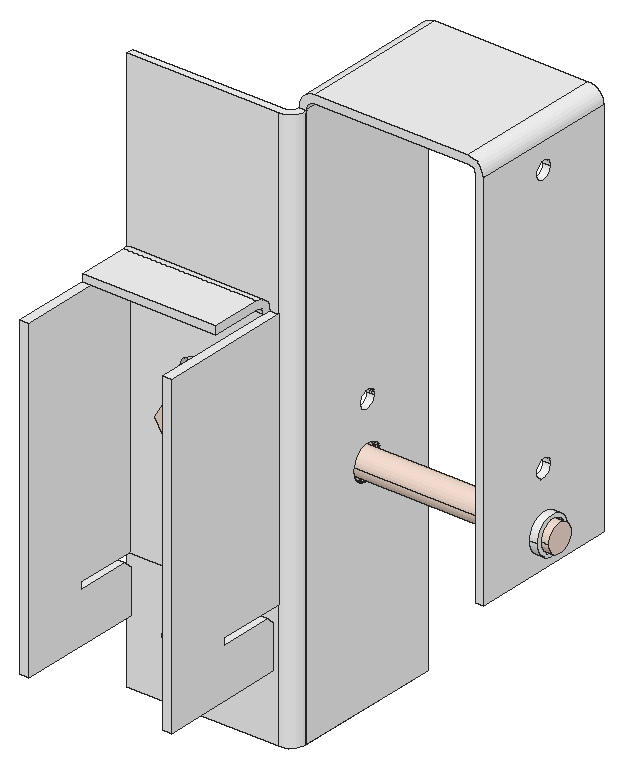
Revit family "KIRIIアングルクランプ(C100用)_逆", category 機械設備, Revit 2020
Family settings
  丸型コネクタ寸法 = 直径を使用
  種別 = なし
  パーツ タイプ = 標準
  作業面ベース = いいえ
  常に垂直 = はい
  ロード時にボイドで切り取り = いいえ
  共有 = いいえ
  部屋計算ポイント = いいえ
Parameters
  製造元 = "株式会社桐井製作所"
  既定の高さ = 0 mm
  URL = "https://www.kirii.co.jp/"
  K_許容荷重(水平)野縁方向(N) = 640
  K_許容荷重(水平)野縁受け方向(N) = 780
  K_許容荷重(引張)(N) = 1920
  K_許容荷重(圧縮)(N) = 1910
  K_板厚(mm) = 2.3 mm
  K_品名 = "KIRIIアングルクランプ(C100用)逆"
  K_名称 = "支持構造部接合金具"
  K_剛性(野縁方向)(N/mm) = 474
  K_剛性(野縁受け方向)(N/mm) = 253
  K_バージョン情報 = "20250901"
Reference planes
  plane 1 "中心(正面/背面)": y = 0
  plane 2: z = 0
  plane 3 "中心(左/右)": x = 0
Forms (mm)
  Extrusion 1, solid
    sketch origin (-77.55, 0, 80) x (1, 0, 0) y (0, 0, 1)
      loop
        circle (25, 0) r 5
      loop
        circle (25, 0) r 4.5
    from 2.7 to 0
  Extrusion 2, solid
    sketch origin (-77.55, 0, 80) x (0, 1, 0) y (0, 0, 1)
      loop
        arc (-5, 36) -> (-6.347, 39.253) -> (-9.6, 40.6) r 4.6
        line (-9.6, 40.6) -> (-25, 40.6) -> (-25, 38.3) -> (-9.6, 38.3)
        arc (-9.6, 38.3) -> (-7.974, 37.626) -> (-7.3, 36) r 2.3
        line (-7.3, 36) -> (-7.3, -42) -> (-5, -42) -> (-5, 36)
    from 5 to 45
  Extrusion 3, solid
    sketch origin (-77.55, 0, 80) x (1, 0, 0) y (0, 0, 1)
      loop
        line (2.3, 36) -> (2.3, -59) -> (5, -59) -> (5, 36) -> (2.3, 36)
      loop
        line (45, 36) -> (45, -59) -> (47.7, -59) -> (47.7, 36) -> (45, 36)
    from 5 to 45
  Extrusion 4, void
    sketch origin (-77.55, 0, 80) x (0, 1, 0) y (0, 0, 1)
      loop
        line (-25.5, -42) -> (-25.5, -44) -> (-9, -44) -> (-7, -46) -> (-7, -59) -> (-5, -59) -> (-5, -42) -> (-25.5, -42)
    from 50 to 0
  Extrusion 5, void
    sketch origin (-77.55, 0, 80) x (1, 0, 0) y (0, 0, 1)
      loop
        circle (25, 0) r 4.5
    from 5 to 2.7
  Extrusion 6, void
    sketch origin (-77.55, 0, 80) x (1, 0, 0) y (0, 0, 1)
      loop
        arc (30.25, 12.25) -> (28.712, 15.962) -> (25, 17.5) r 5.25
        arc (25, 17.5) -> (21.288, 15.962) -> (19.75, 12.25) r 5.25
        line (19.75, 12.25) -> (19.75, -12.25)
        arc (19.75, -12.25) -> (21.288, -15.962) -> (25, -17.5) r 5.25
        arc (25, -17.5) -> (28.712, -15.962) -> (30.25, -12.25) r 5.25
        line (30.25, -12.25) -> (30.25, 12.25)
    from 7.3 to 5
  Extrusion 7, void
    sketch origin (25.25, 0, 80) x (0, 1, 0) y (0, 0, 1)
      loop
        circle (22.5, -14.3) r 5.25
      loop
        circle (22.5, 82.7) r 2.75
      loop
        circle (22.5, 2.7) r 2.75
    from 2.3 to 0
  Extrusion 8, void
    sketch origin (-77.55, 0, 80) x (1, 0, 0) y (0, 0, 1)
      loop
        circle (25, -32) r 2.25
    from 7.3 to 5
  Extrusion 9, solid
    sketch origin (25.25, 0, 80) x (0, 1, 0) y (0, 0, 1)
      loop
        circle (22.5, -14.3) r 5.548
      loop
        circle (22.5, -14.3) r 4.5
    from 2.3 to 5
  Extrusion 10, void
    sketch origin (20.25, 0, 105) x (0, 1, 0) y (0, 0, 1)
      loop
        circle (22.5, -39.3) r 5.25
      loop
        circle (22.5, 57.7) r 2.75
      loop
        circle (22.5, -22.3) r 2.75
    from -45.5 to -47.8
  Extrusion 11, void
    sketch origin (-77.55, 0, 0) x (1, 0, 0) y (0, 0, 1)
      loop
        circle (40, 17.6) r 2.25
      loop
        circle (15, 17.6) r 2.25
    from 5 to 2.7
  Extrusion 12, solid
    sketch origin (-25.25, 0, 80) x (-1, 0, 0) y (0, 0, -1)
      loop
        line (0, 80) -> (0, -90.4)
        arc (0, -90.4) -> (-0.674, -92.026) -> (-2.3, -92.7) r 2.3
        line (-2.3, -92.7) -> (-48.2, -92.7)
        arc (-48.2, -92.7) -> (-49.826, -92.026) -> (-50.5, -90.4) r 2.3
        line (-50.5, -90.4) -> (-50.5, 24.3) -> (-52.8, 24.3) -> (-52.8, -90.4)
        arc (-52.8, -90.4) -> (-51.453, -93.653) -> (-48.2, -95) r 4.6
        line (-48.2, -95) -> (-2.3, -95)
        arc (-2.3, -95) -> (0.953, -93.653) -> (2.3, -90.4) r 4.6
        line (2.3, -90.4) -> (2.3, 80) -> (0, 80)
    from 0 to -45
  Extrusion 13, solid
    sketch origin (-27.55, 0, 80) x (-1, 0, 0) y (0, -1, 0)
      loop
        arc (2.3, 5) -> (-0.953, 3.653) -> (-2.3, 0.4) r 4.6
        line (-2.3, 0.4) -> (-2.3, -45) -> (0, -45) -> (0, 0.4)
        arc (0, 0.4) -> (0.674, 2.026) -> (2.3, 2.7) r 2.3
        line (2.3, 2.7) -> (47.7, 2.7) -> (47.7, 5) -> (2.3, 5)
    from 90 to -80
Cuts and joins
  Extrusion 4, Extrusion 5, Extrusion 6, Extrusion 8, Extrusion 11 cuts Extrusion 2
  Extrusion 4 cuts Extrusion 3
  Extrusion 7 cuts Extrusion 9
  Extrusion 7, Extrusion 10 cuts Extrusion 12
  Extrusion 5, Extrusion 6, Extrusion 8, Extrusion 10, Extrusion 11 cuts Extrusion 13
Dimensions and locks
  aligned and locked: level to plane 2
Nested families
  nested 1: "M10×60ボルト" at (-31.55, 22.5, 65.7) x (0, -1, 0) z (0, 0, 1), type "M10×60ボルト"
  nested 2: "M10×25ボルト" at (-52.55, -11.3, 80) x (-1, 0, 0) z (0, 0, 1), type "M10×25ボルト"
Definition of nested family "M10×60ボルト"
  Parameters (values of type "M10×60ボルト")
    Manufacturer = "株式会社桐井製作所"
    Default Elevation = 0 mm
    URL = "https://www.kirii.co.jp/"
    K_材料規格 = "M10×L60"
    K_品名 = "M10×60ボルト"
    K_名称 = "M10×60ボルト"
    K_備考 = "KIRIIアングルクランプ付属品"
  Reference planes
    plane 1 "中心(正面/背面)": y = 0
    plane 2: z = 0
    plane 3 "中心(左/右)": x = 0
    plane 4: x = 8
    plane 5: x = -8
    plane 6 "正面": y = -4
    plane 7: z = 8
    plane 8: z = -8
  Forms (mm)
    Extrusion 1, solid
      sketch origin (0, 0, 0) x (1, 0, 0) y (0, 0, 1)
        loop
          line (-4.619, 8) -> (-9.238, 0) -> (-4.619, -8) -> (4.619, -8) -> (9.238, 0) -> (4.619, 8) -> (-4.619, 8)
      from 0 to 4
    Extrusion 2, solid
      sketch origin (0, 0, 25.676) x (1, 0, 0) y (0, 0, 1)
        loop
          circle (0, -25.676) r 4.1
      from 4 to 64
  Cuts and joins
    joined: Extrusion 1, Extrusion 2
  Lines and regions (mm)
    model lines
      curve 1: circle (0, 0, 0) r 8 normal (0, -1, 0)
  Dimensions and locks
    aligned and locked: level to plane 2
Definition of nested family "M10×25ボルト"
  Parameters (values of type "M10×25ボルト")
    Manufacturer = "株式会社桐井製作所"
    Default Elevation = 0 mm
    URL = "https://www.kirii.co.jp/"
    K_材料規格 = "M10×L25"
    K_品名 = "M10×25ボルト"
    K_名称 = "M10×25ボルト"
    K_備考 = "KIRIIアングルクランプ付属品"
  Reference planes
    plane 1 "中心(正面/背面)": y = 0
    plane 2: z = 0
    plane 3 "中心(左/右)": x = 0
    plane 4: x = 8
    plane 5: x = -8
    plane 6 "正面": y = -4
    plane 7: z = 8
    plane 8: z = -8
  Forms (mm)
    Extrusion 1, solid
      sketch origin (0, 0, 0) x (1, 0, 0) y (0, 0, 1)
        loop
          line (-4.619, 8) -> (-9.238, 0) -> (-4.619, -8) -> (4.619, -8) -> (9.238, 0) -> (4.619, 8) -> (-4.619, 8)
      from 0 to 4
    Extrusion 2, solid
      sketch origin (0, 0, 25.676) x (1, 0, 0) y (0, 0, 1)
        loop
          circle (0, -25.676) r 4.1
      from 4 to 29
  Cuts and joins
    joined: Extrusion 1, Extrusion 2
  Lines and regions (mm)
    model lines
      curve 1: circle (0, 0, 0) r 8 normal (0, -1, 0)
  Dimensions and locks
    aligned and locked: level to plane 2
